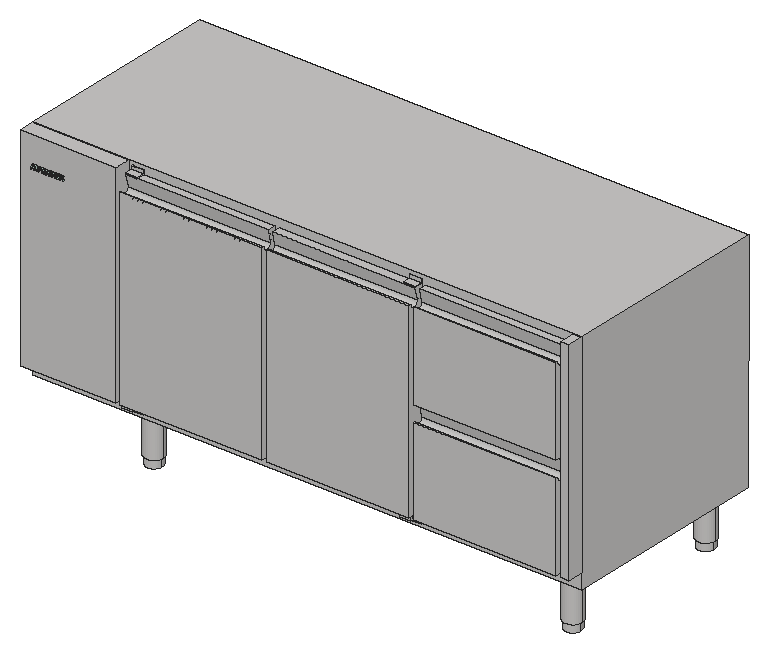
Revit family "QF_ALPENINOX_721049_AK3R7AAB", category Attrezzature speciali, Revit 2018 (continued)
Definition of nested family "HPC_APX_BI_TN_L"
  Lines and regions (mm)
    Split face 120
      outline origin (110, -951.3, 50) x (1, 0, 0) y (0, 1, 0)
        loop
          arc (-176.464, 599.474) -> (-172.464, 603.474) -> (-176.464, 607.474) r 4
          line (-176.464, 607.474) -> (-218.464, 607.474)
    Split face 121
      outline origin (220, -951.3, 50) x (1, 0, 0) y (0, 1, 0)
        loop
          arc (-273.464, 607.474) -> (-277.464, 603.474) -> (-273.464, 599.474) r 4
          line (-273.464, 599.474) -> (-231.464, 599.474)
          arc (-231.464, 599.474) -> (-227.464, 603.474) -> (-231.464, 607.474) r 4
          line (-231.464, 607.474) -> (-273.464, 607.474)
    Split face 122
      outline origin (0, -975.3, 50) x (1, 0, 0) y (0, 1, 0)
        loop
          arc (-163.464, 619.474) -> (-167.464, 615.474) -> (-163.464, 611.474) r 4
          line (-163.464, 611.474) -> (-121.464, 611.474)
          arc (-121.464, 611.474) -> (-117.464, 615.474) -> (-121.464, 619.474) r 4
          line (-121.464, 619.474) -> (-163.464, 619.474)
    Split face 123
      outline origin (330, -975.3, 50) x (1, 0, 0) y (0, 1, 0)
        loop
          arc (-328.464, 619.474) -> (-332.464, 615.474) -> (-328.464, 611.474) r 4
          line (-328.464, 611.474) -> (-286.464, 611.474)
          arc (-286.464, 611.474) -> (-282.464, 615.474) -> (-286.464, 619.474) r 4
          line (-286.464, 619.474) -> (-328.464, 619.474)
    Split face 124
      outline origin (110, -975.3, 50) x (1, 0, 0) y (0, 1, 0)
        loop
          arc (-218.464, 619.474) -> (-222.464, 615.474) -> (-218.464, 611.474) r 4
          line (-218.464, 611.474) -> (-176.464, 611.474)
          arc (-176.464, 611.474) -> (-172.464, 615.474) -> (-176.464, 619.474) r 4
          line (-176.464, 619.474) -> (-218.464, 619.474)
    Split face 125
      outline origin (220, -975.3, 50) x (1, 0, 0) y (0, 1, 0)
        loop
          arc (-273.464, 619.474) -> (-277.464, 615.474) -> (-273.464, 611.474) r 4
          line (-273.464, 611.474) -> (-231.464, 611.474)
          arc (-231.464, 611.474) -> (-227.464, 615.474) -> (-231.464, 619.474) r 4
          line (-231.464, 619.474) -> (-273.464, 619.474)
    Split face 126
      outline origin (0, -999.3, 50) x (1, 0, 0) y (0, 1, 0)
        loop
          arc (-163.464, 631.474) -> (-167.464, 627.474) -> (-163.464, 623.474) r 4
          line (-163.464, 623.474) -> (-121.464, 623.474)
          arc (-121.464, 623.474) -> (-117.464, 627.474) -> (-121.464, 631.474) r 4
          line (-121.464, 631.474) -> (-163.464, 631.474)
    Split face 127
      outline origin (330, -999.3, 50) x (1, 0, 0) y (0, 1, 0)
        loop
          arc (-328.464, 631.474) -> (-332.464, 627.474) -> (-328.464, 623.474) r 4
          line (-328.464, 623.474) -> (-286.464, 623.474)
          arc (-286.464, 623.474) -> (-282.464, 627.474) -> (-286.464, 631.474) r 4
          line (-286.464, 631.474) -> (-328.464, 631.474)
    Split face 128
      outline origin (110, -999.3, 50) x (1, 0, 0) y (0, 1, 0)
        loop
          arc (-218.464, 631.474) -> (-222.464, 627.474) -> (-218.464, 623.474) r 4
          line (-218.464, 623.474) -> (-176.464, 623.474)
          arc (-176.464, 623.474) -> (-172.464, 627.474) -> (-176.464, 631.474) r 4
          line (-176.464, 631.474) -> (-218.464, 631.474)
    Split face 129
      outline origin (220, -999.3, 50) x (1, 0, 0) y (0, 1, 0)
        loop
          arc (-273.464, 631.474) -> (-277.464, 627.474) -> (-273.464, 623.474) r 4
          line (-273.464, 623.474) -> (-231.464, 623.474)
          arc (-231.464, 623.474) -> (-227.464, 627.474) -> (-231.464, 631.474) r 4
          line (-231.464, 631.474) -> (-273.464, 631.474)
    Split face 130
      outline origin (0, -1023.3, 50) x (1, 0, 0) y (0, 1, 0)
        loop
          arc (-163.464, 643.474) -> (-167.464, 639.474) -> (-163.464, 635.474) r 4
          line (-163.464, 635.474) -> (-121.464, 635.474)
          arc (-121.464, 635.474) -> (-117.464, 639.474) -> (-121.464, 643.474) r 4
          line (-121.464, 643.474) -> (-163.464, 643.474)
    Split face 131
      outline origin (330, -1023.3, 50) x (1, 0, 0) y (0, 1, 0)
        loop
          arc (-328.464, 643.474) -> (-332.464, 639.474) -> (-328.464, 635.474) r 4
          line (-328.464, 635.474) -> (-286.464, 635.474)
          arc (-286.464, 635.474) -> (-282.464, 639.474) -> (-286.464, 643.474) r 4
          line (-286.464, 643.474) -> (-328.464, 643.474)
    Split face 132
      outline origin (110, -1023.3, 50) x (1, 0, 0) y (0, 1, 0)
        loop
          arc (-218.464, 643.474) -> (-222.464, 639.474) -> (-218.464, 635.474) r 4
          line (-218.464, 635.474) -> (-176.464, 635.474)
          arc (-176.464, 635.474) -> (-172.464, 639.474) -> (-176.464, 643.474) r 4
          line (-176.464, 643.474) -> (-218.464, 643.474)
    Split face 133
      outline origin (220, -1023.3, 50) x (1, 0, 0) y (0, 1, 0)
        loop
          arc (-273.464, 643.474) -> (-277.464, 639.474) -> (-273.464, 635.474) r 4
          line (-273.464, 635.474) -> (-231.464, 635.474)
          arc (-231.464, 635.474) -> (-227.464, 639.474) -> (-231.464, 643.474) r 4
          line (-231.464, 643.474) -> (-273.464, 643.474)
    symbolic lines
      curve 1: line (87.08, -74, 50) -> (87.08, -74, 0)
  Dimensions and locks
    equal spacing: plane 6, plane 1 "Center (Front/Back)", plane 7
    equal spacing: plane 4, plane 3 "Center (Left/Right)", plane 5
    aligned and locked: plane 2 to Extrusion 1
    aligned and locked: level to Extrusion 1
  Automatic sketch dimensions
    Split face 5 sketch curve to Split face 5 sketch curve = 42 mm
    Split face 5 sketch curve to Split face 5 sketch curve = 4 mm
    Split face 6 sketch curve to Split face 6 sketch curve = 42 mm
    Split face 6 sketch curve to Split face 6 sketch curve = 4 mm
    Split face 7 sketch curve to Split face 7 sketch curve = 42 mm
    Split face 7 sketch curve to Split face 7 sketch curve = 4 mm
    Split face 8 sketch curve to Split face 8 sketch curve = 42 mm
    Split face 8 sketch curve to Split face 8 sketch curve = 4 mm
    Split face 9 sketch curve to Split face 9 sketch curve = 42 mm
    Split face 9 sketch curve to Split face 9 sketch curve = 4 mm
    Split face 10 sketch curve to Split face 10 sketch curve = 42 mm
    Split face 10 sketch curve to Split face 10 sketch curve = 4 mm
    Split face 11 sketch curve to Split face 11 sketch curve = 42 mm
    Split face 11 sketch curve to Split face 11 sketch curve = 4 mm
    Split face 12 sketch curve to Split face 12 sketch curve = 42 mm
    Split face 12 sketch curve to Split face 12 sketch curve = 4 mm
    Split face 13 sketch curve to Split face 13 sketch curve = 42 mm
    Split face 13 sketch curve to Split face 13 sketch curve = 4 mm
    Split face 14 sketch curve to Split face 14 sketch curve = 42 mm
    Split face 14 sketch curve to Split face 14 sketch curve = 4 mm
    Split face 15 sketch curve to Split face 15 sketch curve = 42 mm
    Split face 15 sketch curve to Split face 15 sketch curve = 4 mm
    Split face 16 sketch curve to Split face 16 sketch curve = 42 mm
    Split face 16 sketch curve to Split face 16 sketch curve = 4 mm
    Split face 17 sketch curve to Split face 17 sketch curve = 42 mm
    Split face 17 sketch curve to Split face 17 sketch curve = 4 mm
    Split face 18 sketch curve to Split face 18 sketch curve = 42 mm
    Split face 18 sketch curve to Split face 18 sketch curve = 4 mm
    Split face 19 sketch curve to Split face 19 sketch curve = 42 mm
    Split face 19 sketch curve to Split face 19 sketch curve = 4 mm
    Split face 20 sketch curve to Split face 20 sketch curve = 42 mm
    Split face 20 sketch curve to Split face 20 sketch curve = 4 mm
    Split face 21 sketch curve to Split face 21 sketch curve = 42 mm
    Split face 21 sketch curve to Split face 21 sketch curve = 4 mm
    Split face 22 sketch curve to Split face 22 sketch curve = 42 mm
    Split face 22 sketch curve to Split face 22 sketch curve = 4 mm
    Split face 23 sketch curve to Split face 23 sketch curve = 42 mm
    Split face 23 sketch curve to Split face 23 sketch curve = 4 mm
    Split face 24 sketch curve to Split face 24 sketch curve = 42 mm
    Split face 24 sketch curve to Split face 24 sketch curve = 4 mm
    Split face 25 sketch curve to Split face 25 sketch curve = 42 mm
    Split face 25 sketch curve to Split face 25 sketch curve = 4 mm
    Split face 26 sketch curve to Split face 26 sketch curve = 42 mm
    Split face 26 sketch curve to Split face 26 sketch curve = 4 mm
    Split face 27 sketch curve to Split face 27 sketch curve = 42 mm
    Split face 27 sketch curve to Split face 27 sketch curve = 4 mm
    Split face 28 sketch curve to Split face 28 sketch curve = 42 mm
    Split face 28 sketch curve to Split face 28 sketch curve = 4 mm
    Split face 29 sketch curve to Split face 29 sketch curve = 42 mm
    Split face 29 sketch curve to Split face 29 sketch curve = 4 mm
    Split face 30 sketch curve to Split face 30 sketch curve = 42 mm
    Split face 30 sketch curve to Split face 30 sketch curve = 4 mm
    Split face 31 sketch curve to Split face 31 sketch curve = 42 mm
    Split face 31 sketch curve to Split face 31 sketch curve = 4 mm
    Split face 32 sketch curve to Split face 32 sketch curve = 42 mm
    Split face 32 sketch curve to Split face 32 sketch curve = 4 mm
    Split face 33 sketch curve to Split face 33 sketch curve = 42 mm
    Split face 33 sketch curve to Split face 33 sketch curve = 4 mm
    Split face 34 sketch curve to Split face 34 sketch curve = 42 mm
    Split face 34 sketch curve to Split face 34 sketch curve = 4 mm
    Split face 35 sketch curve to Split face 35 sketch curve = 42 mm
    Split face 35 sketch curve to Split face 35 sketch curve = 4 mm
    Split face 36 sketch curve to Split face 36 sketch curve = 42 mm
    Split face 36 sketch curve to Split face 36 sketch curve = 4 mm
    Split face 37 sketch curve to Split face 37 sketch curve = 42 mm
    Split face 37 sketch curve to Split face 37 sketch curve = 4 mm
    Split face 38 sketch curve to Split face 38 sketch curve = 42 mm
    Split face 38 sketch curve to Split face 38 sketch curve = 4 mm
    Split face 39 sketch curve to Split face 39 sketch curve = 42 mm
    Split face 39 sketch curve to Split face 39 sketch curve = 4 mm
    Split face 40 sketch curve to Split face 40 sketch curve = 42 mm
    Split face 40 sketch curve to Split face 40 sketch curve = 4 mm
    Split face 41 sketch curve to Split face 41 sketch curve = 42 mm
    Split face 41 sketch curve to Split face 41 sketch curve = 4 mm
    Split face 42 sketch curve to Split face 42 sketch curve = 42 mm
    Split face 42 sketch curve to Split face 42 sketch curve = 4 mm
    Split face 43 sketch curve to Split face 43 sketch curve = 42 mm
    Split face 43 sketch curve to Split face 43 sketch curve = 4 mm
    Split face 44 sketch curve to Split face 44 sketch curve = 42 mm
    Split face 44 sketch curve to Split face 44 sketch curve = 4 mm
    Split face 45 sketch curve to Split face 45 sketch curve = 42 mm
    Split face 45 sketch curve to Split face 45 sketch curve = 4 mm
    Split face 46 sketch curve to Split face 46 sketch curve = 42 mm
    Split face 46 sketch curve to Split face 46 sketch curve = 4 mm
    Split face 47 sketch curve to Split face 47 sketch curve = 42 mm
    Split face 47 sketch curve to Split face 47 sketch curve = 4 mm
    Split face 48 sketch curve to Split face 48 sketch curve = 42 mm
    Split face 48 sketch curve to Split face 48 sketch curve = 4 mm
    Split face 49 sketch curve to Split face 49 sketch curve = 42 mm
    Split face 49 sketch curve to Split face 49 sketch curve = 4 mm
    Split face 50 sketch curve to Split face 50 sketch curve = 42 mm
    Split face 50 sketch curve to Split face 50 sketch curve = 4 mm
    Split face 51 sketch curve to Split face 51 sketch curve = 42 mm
    Split face 51 sketch curve to Split face 51 sketch curve = 4 mm
    Split face 52 sketch curve to Split face 52 sketch curve = 42 mm
    Split face 52 sketch curve to Split face 52 sketch curve = 4 mm
    Split face 53 sketch curve to Split face 53 sketch curve = 42 mm
    Split face 53 sketch curve to Split face 53 sketch curve = 4 mm
    Split face 54 sketch curve to Split face 54 sketch curve = 42 mm
    Split face 54 sketch curve to Split face 54 sketch curve = 4 mm
    Split face 55 sketch curve to Split face 55 sketch curve = 42 mm
    Split face 55 sketch curve to Split face 55 sketch curve = 4 mm
    Split face 56 sketch curve to Split face 56 sketch curve = 42 mm
    Split face 56 sketch curve to Split face 56 sketch curve = 4 mm
    Split face 57 sketch curve to Split face 57 sketch curve = 42 mm
    Split face 57 sketch curve to Split face 57 sketch curve = 4 mm
    Split face 58 sketch curve to Split face 58 sketch curve = 42 mm
    Split face 58 sketch curve to Split face 58 sketch curve = 4 mm
    Split face 59 sketch curve to Split face 59 sketch curve = 42 mm
    Split face 59 sketch curve to Split face 59 sketch curve = 4 mm
    Split face 60 sketch curve to Split face 60 sketch curve = 42 mm
    Split face 60 sketch curve to Split face 60 sketch curve = 4 mm
    Split face 61 sketch curve to Split face 61 sketch curve = 42 mm
    Split face 61 sketch curve to Split face 61 sketch curve = 4 mm
    Split face 62 sketch curve to Split face 62 sketch curve = 42 mm
    Split face 62 sketch curve to Split face 62 sketch curve = 4 mm
    Split face 63 sketch curve to Split face 63 sketch curve = 42 mm
    Split face 63 sketch curve to Split face 63 sketch curve = 4 mm
    Split face 64 sketch curve to Split face 64 sketch curve = 42 mm
    Split face 64 sketch curve to Split face 64 sketch curve = 4 mm
    Split face 65 sketch curve to Split face 65 sketch curve = 42 mm
    Split face 65 sketch curve to Split face 65 sketch curve = 4 mm
    Split face 66 sketch curve to Split face 66 sketch curve = 42 mm
    Split face 66 sketch curve to Split face 66 sketch curve = 4 mm
    Split face 67 sketch curve to Split face 67 sketch curve = 42 mm
    Split face 67 sketch curve to Split face 67 sketch curve = 4 mm
    Split face 68 sketch curve to Split face 68 sketch curve = 42 mm
    Split face 68 sketch curve to Split face 68 sketch curve = 4 mm
    Split face 70 sketch curve to Split face 70 sketch curve = 42 mm
    Split face 70 sketch curve to Split face 70 sketch curve = 4 mm
    Split face 71 sketch curve to Split face 71 sketch curve = 42 mm
    Split face 71 sketch curve to Split face 71 sketch curve = 4 mm
    Split face 72 sketch curve to Split face 72 sketch curve = 42 mm
    Split face 72 sketch curve to Split face 72 sketch curve = 4 mm
    Split face 73 sketch curve to Split face 73 sketch curve = 42 mm
    Split face 73 sketch curve to Split face 73 sketch curve = 4 mm
    Split face 74 sketch curve to Split face 74 sketch curve = 42 mm
    Split face 74 sketch curve to Split face 74 sketch curve = 4 mm
    Split face 75 sketch curve to Split face 75 sketch curve = 42 mm
    Split face 75 sketch curve to Split face 75 sketch curve = 4 mm
    Split face 76 sketch curve to Split face 76 sketch curve = 42 mm
    Split face 76 sketch curve to Split face 76 sketch curve = 4 mm
    Split face 77 sketch curve to Split face 77 sketch curve = 42 mm
    Split face 77 sketch curve to Split face 77 sketch curve = 4 mm
    Split face 78 sketch curve to Split face 78 sketch curve = 42 mm
    Split face 78 sketch curve to Split face 78 sketch curve = 4 mm
    Split face 79 sketch curve to Split face 79 sketch curve = 42 mm
    Split face 79 sketch curve to Split face 79 sketch curve = 4 mm
    Split face 80 sketch curve to Split face 80 sketch curve = 42 mm
    Split face 80 sketch curve to Split face 80 sketch curve = 4 mm
    Split face 81 sketch curve to Split face 81 sketch curve = 42 mm
    Split face 81 sketch curve to Split face 81 sketch curve = 4 mm
    Split face 82 sketch curve to Split face 82 sketch curve = 42 mm
    Split face 82 sketch curve to Split face 82 sketch curve = 4 mm
    Split face 83 sketch curve to Split face 83 sketch curve = 42 mm
    Split face 83 sketch curve to Split face 83 sketch curve = 4 mm
    Split face 84 sketch curve to Split face 84 sketch curve = 42 mm
    Split face 84 sketch curve to Split face 84 sketch curve = 4 mm
    Split face 85 sketch curve to Split face 85 sketch curve = 42 mm
    Split face 85 sketch curve to Split face 85 sketch curve = 4 mm
    Split face 86 sketch curve to Split face 86 sketch curve = 42 mm
    Split face 86 sketch curve to Split face 86 sketch curve = 4 mm
    Split face 87 sketch curve to Split face 87 sketch curve = 42 mm
    Split face 87 sketch curve to Split face 87 sketch curve = 4 mm
    Split face 88 sketch curve to Split face 88 sketch curve = 42 mm
    Split face 88 sketch curve to Split face 88 sketch curve = 4 mm
    Split face 89 sketch curve to Split face 89 sketch curve = 42 mm
    Split face 89 sketch curve to Split face 89 sketch curve = 4 mm
    Split face 90 sketch curve to Split face 90 sketch curve = 42 mm
    Split face 90 sketch curve to Split face 90 sketch curve = 4 mm
    Split face 91 sketch curve to Split face 91 sketch curve = 42 mm
    Split face 91 sketch curve to Split face 91 sketch curve = 4 mm
    Split face 92 sketch curve to Split face 92 sketch curve = 42 mm
    Split face 92 sketch curve to Split face 92 sketch curve = 4 mm
    Split face 93 sketch curve to Split face 93 sketch curve = 42 mm
    Split face 93 sketch curve to Split face 93 sketch curve = 4 mm
    Split face 94 sketch curve to Split face 94 sketch curve = 42 mm
    Split face 94 sketch curve to Split face 94 sketch curve = 4 mm
    Split face 95 sketch curve to Split face 95 sketch curve = 42 mm
    Split face 95 sketch curve to Split face 95 sketch curve = 4 mm
    Split face 96 sketch curve to Split face 96 sketch curve = 42 mm
    Split face 96 sketch curve to Split face 96 sketch curve = 4 mm
    Split face 97 sketch curve to Split face 97 sketch curve = 42 mm
    Split face 97 sketch curve to Split face 97 sketch curve = 4 mm
    Split face 98 sketch curve to Split face 98 sketch curve = 42 mm
    Split face 98 sketch curve to Split face 98 sketch curve = 4 mm
    Split face 99 sketch curve to Split face 99 sketch curve = 42 mm
    Split face 99 sketch curve to Split face 99 sketch curve = 4 mm
    Split face 100 sketch curve to Split face 100 sketch curve = 42 mm
    Split face 100 sketch curve to Split face 100 sketch curve = 4 mm
    Split face 101 sketch curve to Split face 101 sketch curve = 42 mm
    Split face 101 sketch curve to Split face 101 sketch curve = 4 mm
    Split face 102 sketch curve to Split face 102 sketch curve = 42 mm
    Split face 102 sketch curve to Split face 102 sketch curve = 4 mm
    Split face 103 sketch curve to Split face 103 sketch curve = 42 mm
    Split face 103 sketch curve to Split face 103 sketch curve = 4 mm
    Split face 104 sketch curve to Split face 104 sketch curve = 42 mm
    Split face 104 sketch curve to Split face 104 sketch curve = 4 mm
    Split face 105 sketch curve to Split face 105 sketch curve = 42 mm
    Split face 105 sketch curve to Split face 105 sketch curve = 4 mm
    Split face 106 sketch curve to Split face 106 sketch curve = 42 mm
    Split face 106 sketch curve to Split face 106 sketch curve = 4 mm
    Split face 107 sketch curve to Split face 107 sketch curve = 42 mm
    Split face 107 sketch curve to Split face 107 sketch curve = 4 mm
    Split face 108 sketch curve to Split face 108 sketch curve = 42 mm
    Split face 108 sketch curve to Split face 108 sketch curve = 4 mm
    Split face 109 sketch curve to Split face 109 sketch curve = 42 mm
    Split face 109 sketch curve to Split face 109 sketch curve = 4 mm
    Split face 110 sketch curve to Split face 110 sketch curve = 42 mm
    Split face 110 sketch curve to Split face 110 sketch curve = 4 mm
    Split face 111 sketch curve to Split face 111 sketch curve = 42 mm
    Split face 111 sketch curve to Split face 111 sketch curve = 4 mm
    Split face 112 sketch curve to Split face 112 sketch curve = 42 mm
    Split face 112 sketch curve to Split face 112 sketch curve = 4 mm
    Split face 113 sketch curve to Split face 113 sketch curve = 42 mm
    Split face 113 sketch curve to Split face 113 sketch curve = 4 mm
    Split face 114 sketch curve to Split face 114 sketch curve = 42 mm
    Split face 114 sketch curve to Split face 114 sketch curve = 4 mm
    Split face 115 sketch curve to Split face 115 sketch curve = 42 mm
    Split face 115 sketch curve to Split face 115 sketch curve = 4 mm
    Split face 116 sketch curve to Split face 116 sketch curve = 42 mm
    Split face 116 sketch curve to Split face 116 sketch curve = 4 mm
    Split face 117 sketch curve to Split face 117 sketch curve = 42 mm
    Split face 117 sketch curve to Split face 117 sketch curve = 4 mm
    Split face 118 sketch curve to Split face 118 sketch curve = 42 mm
    Split face 118 sketch curve to Split face 118 sketch curve = 4 mm
    Split face 119 sketch curve to Split face 119 sketch curve = 42 mm
    Split face 119 sketch curve to Split face 119 sketch curve = 4 mm
    Split face 120 sketch curve to Split face 120 sketch curve = 42 mm
    Split face 120 sketch curve to Split face 120 sketch curve = 4 mm
    Split face 121 sketch curve to Split face 121 sketch curve = 42 mm
    Split face 121 sketch curve to Split face 121 sketch curve = 4 mm
    Split face 122 sketch curve to Split face 122 sketch curve = 42 mm
    Split face 122 sketch curve to Split face 122 sketch curve = 4 mm
    Split face 123 sketch curve to Split face 123 sketch curve = 42 mm
    Split face 123 sketch curve to Split face 123 sketch curve = 4 mm
    Split face 124 sketch curve to Split face 124 sketch curve = 42 mm
    Split face 124 sketch curve to Split face 124 sketch curve = 4 mm
    Split face 125 sketch curve to Split face 125 sketch curve = 42 mm
    Split face 125 sketch curve to Split face 125 sketch curve = 4 mm
    Split face 126 sketch curve to Split face 126 sketch curve = 42 mm
    Split face 126 sketch curve to Split face 126 sketch curve = 4 mm
    Split face 127 sketch curve to Split face 127 sketch curve = 42 mm
    Split face 127 sketch curve to Split face 127 sketch curve = 4 mm
    Split face 128 sketch curve to Split face 128 sketch curve = 42 mm
    Split face 128 sketch curve to Split face 128 sketch curve = 4 mm
    Split face 129 sketch curve to Split face 129 sketch curve = 42 mm
    Split face 129 sketch curve to Split face 129 sketch curve = 4 mm
    Split face 130 sketch curve to Split face 130 sketch curve = 42 mm
    Split face 130 sketch curve to Split face 130 sketch curve = 4 mm
    Split face 131 sketch curve to Split face 131 sketch curve = 42 mm
    Split face 131 sketch curve to Split face 131 sketch curve = 4 mm
    Split face 132 sketch curve to Split face 132 sketch curve = 42 mm
    Split face 132 sketch curve to Split face 132 sketch curve = 4 mm
    Split face 133 sketch curve to Split face 133 sketch curve = 42 mm
    Split face 133 sketch curve to Split face 133 sketch curve = 4 mm
    Extrusion 1 sketch curve to Extrusion 1 sketch curve = 2438.4 mm  (x2)
    Extrusion 2 sketch curve to plane 4 = 0 mm
    Extrusion 2 sketch curve to plane 5 = 0 mm
    Extrusion 2 sketch curve to plane 7 = 0 mm
    Extrusion 2 sketch curve to plane 6 = 0 mm
    Split face 1 sketch curve to Extrusion 2 = 0 mm  (x2)
    Split face 1 sketch curve to Extrusion 2 = 34 mm
    Split face 1 sketch curve to Extrusion 2 = 104 mm
    Split face 1 sketch curve to Split face 1 sketch curve = 17.5 mm
    Split face 2 sketch curve to Extrusion 2 = 130.5 mm
    Split face 2 sketch curve to Extrusion 2 = 60.5 mm
    Split face 2 sketch curve to Extrusion 2 = 98 mm
    Split face 2 sketch curve to Split face 2 sketch curve = 23 mm
    Split face 3 sketch curve to Extrusion 2 = 80.5 mm
    Split face 3 sketch curve to Split face 3 sketch curve = 17 mm  (x2)
    Split face 3 sketch curve to Extrusion 2 = 95 mm
    plane 4 to Extrusion 3 sketch curve = 34.51 mm
    Extrusion 3 sketch curve to Extrusion 3 sketch curve = 1.266 mm
    Extrusion 3 sketch curve to Extrusion 3 sketch curve = 1.307 mm
    Extrusion 3 sketch curve to Extrusion 3 sketch curve = 0.57 mm
    Extrusion 3 sketch curve to Extrusion 3 sketch curve = 0.593 mm
    Extrusion 3 sketch curve to Extrusion 3 sketch curve = 0.799 mm
    Extrusion 3 sketch curve to Extrusion 3 sketch curve = 1.99 mm  (x2)
    Extrusion 3 sketch curve to Extrusion 3 sketch curve = 0.003 mm
    Extrusion 3 sketch curve to Extrusion 3 sketch curve = 3.534 mm
    Extrusion 3 sketch curve to Extrusion 3 sketch curve = 0.835 mm
    Extrusion 3 sketch curve to Extrusion 3 sketch curve = 0.56 mm
    Extrusion 3 sketch curve to Extrusion 3 sketch curve = 1.268 mm
    Extrusion 3 sketch curve to Extrusion 3 sketch curve = 1.223 mm
    Extrusion 3 sketch curve to Extrusion 3 sketch curve = 1.344 mm
    Extrusion 3 sketch curve to Extrusion 3 sketch curve = 1.394 mm  (x2)
    Extrusion 3 sketch curve to Extrusion 3 sketch curve = 1.512 mm
    Extrusion 3 sketch curve to Extrusion 3 sketch curve = 3.309 mm
    Extrusion 3 sketch curve to Extrusion 3 sketch curve = 5.841 mm
    Extrusion 3 sketch curve to Extrusion 3 sketch curve = 1.393 mm
    Extrusion 3 sketch curve to Extrusion 3 sketch curve = 1.439 mm
    Extrusion 3 sketch curve to Extrusion 3 sketch curve = 0 mm  (x19)
    Extrusion 3 sketch curve to Extrusion 3 sketch curve = 1.902 mm
    Extrusion 3 sketch curve to Extrusion 3 sketch curve = 0.052 mm
    Extrusion 3 sketch curve to Extrusion 3 sketch curve = 2.065 mm
    Extrusion 3 sketch curve to Extrusion 3 sketch curve = 0.647 mm
    Extrusion 3 sketch curve to Extrusion 3 sketch curve = 8.079 mm
    Extrusion 3 sketch curve to Extrusion 3 sketch curve = 0.073 mm
    Extrusion 3 sketch curve to Extrusion 3 sketch curve = 2.145 mm
    Extrusion 3 sketch curve to Extrusion 3 sketch curve = 2.931 mm
    Extrusion 3 sketch curve to Extrusion 3 sketch curve = 0.213 mm
    Extrusion 3 sketch curve to Extrusion 3 sketch curve = 0.026 mm
    Extrusion 3 sketch curve to Extrusion 3 sketch curve = 0.263 mm
    Extrusion 3 sketch curve to Extrusion 3 sketch curve = 0.516 mm
    Extrusion 3 sketch curve to Extrusion 3 sketch curve = 0.356 mm
    Extrusion 3 sketch curve to Extrusion 3 sketch curve = 0.387 mm
    Extrusion 3 sketch curve to Extrusion 3 sketch curve = 2.378 mm
    Extrusion 3 sketch curve to Extrusion 3 sketch curve = 2.466 mm
    Extrusion 3 sketch curve to Extrusion 3 sketch curve = 0.602 mm
    Extrusion 3 sketch curve to Extrusion 3 sketch curve = 1.02 mm
    Extrusion 3 sketch curve to Extrusion 3 sketch curve = 0.949 mm
    Extrusion 3 sketch curve to Extrusion 3 sketch curve = 1.728 mm
    Extrusion 3 sketch curve to Extrusion 3 sketch curve = 0.157 mm  (x2)
    Extrusion 3 sketch curve to Extrusion 3 sketch curve = 0.292 mm
    Extrusion 3 sketch curve to Extrusion 3 sketch curve = 3.565 mm
    Extrusion 3 sketch curve to Extrusion 3 sketch curve = 1.396 mm  (x2)
    Extrusion 3 sketch curve to Extrusion 3 sketch curve = 1.418 mm  (x2)
    Extrusion 3 sketch curve to Extrusion 3 sketch curve = 1.151 mm  (x2)
    Extrusion 3 sketch curve to Extrusion 3 sketch curve = 5.709 mm  (x2)
    Extrusion 3 sketch curve to Extrusion 3 sketch curve = 0.224 mm  (x2)
    Extrusion 3 sketch curve to Extrusion 3 sketch curve = 1.149 mm  (x2)
    Extrusion 3 sketch curve to Extrusion 3 sketch curve = 1.395 mm  (x2)
    Extrusion 3 sketch curve to Extrusion 3 sketch curve = 1.744 mm
    Extrusion 3 sketch curve to Extrusion 3 sketch curve = 1.745 mm
    Extrusion 3 sketch curve to Extrusion 3 sketch curve = 6.963 mm
    Extrusion 3 sketch curve to Extrusion 3 sketch curve = 0.493 mm  (x3)
    Extrusion 3 sketch curve to Extrusion 3 sketch curve = 0.273 mm  (x2)
    Extrusion 3 sketch curve to Extrusion 3 sketch curve = 0.021 mm  (x2)
    Extrusion 3 sketch curve to Extrusion 3 sketch curve = 0.226 mm  (x2)
    Extrusion 3 sketch curve to Extrusion 3 sketch curve = 0.268 mm  (x2)
    Extrusion 3 sketch curve to Extrusion 3 sketch curve = 0.294 mm
    Extrusion 3 sketch curve to Extrusion 3 sketch curve = 5.238 mm
    Extrusion 3 sketch curve to Extrusion 3 sketch curve = 5.908 mm
    Extrusion 3 sketch curve to Extrusion 3 sketch curve = 1.109 mm  (x2)
    Extrusion 3 sketch curve to Extrusion 3 sketch curve = 1.108 mm  (x2)
    Extrusion 3 sketch curve to Extrusion 3 sketch curve = 1.142 mm  (x2)
    Extrusion 3 sketch curve to Extrusion 3 sketch curve = 1.216 mm  (x2)
    Extrusion 3 sketch curve to Extrusion 3 sketch curve = 3.013 mm
    Extrusion 3 sketch curve to Extrusion 3 sketch curve = 1.616 mm  (x3)
    Extrusion 3 sketch curve to Extrusion 3 sketch curve = 2.305 mm
    Extrusion 3 sketch curve to Extrusion 3 sketch curve = 3.049 mm
    Extrusion 3 sketch curve to plane 6 = 93.469 mm
    Extrusion 3 sketch curve to Extrusion 3 sketch curve = 0.498 mm
    Extrusion 3 sketch curve to Extrusion 3 sketch curve = 0.682 mm
    Extrusion 3 sketch curve to Extrusion 3 sketch curve = 0.664 mm
    Extrusion 3 sketch curve to Extrusion 3 sketch curve = 0.425 mm
    Extrusion 3 sketch curve to Extrusion 3 sketch curve = 0.41 mm
    Extrusion 3 sketch curve to Extrusion 3 sketch curve = 1.272 mm
    Extrusion 3 sketch curve to Extrusion 3 sketch curve = 0.789 mm  (x2)
    Extrusion 3 sketch curve to Extrusion 3 sketch curve = 0.056 mm
    Extrusion 3 sketch curve to Extrusion 3 sketch curve = 0.83 mm
    Extrusion 3 sketch curve to Extrusion 3 sketch curve = 1.238 mm
    Extrusion 3 sketch curve to Extrusion 3 sketch curve = 1.732 mm
    Extrusion 3 sketch curve to Extrusion 3 sketch curve = 0.346 mm
    Extrusion 3 sketch curve to Extrusion 3 sketch curve = 1.123 mm
    Extrusion 3 sketch curve to Extrusion 3 sketch curve = 3.023 mm
    Extrusion 3 sketch curve to Extrusion 3 sketch curve = 4.203 mm
    Extrusion 3 sketch curve to Extrusion 3 sketch curve = 3.452 mm  (x2)
    Extrusion 3 sketch curve to Extrusion 3 sketch curve = 2.544 mm
    Extrusion 3 sketch curve to Extrusion 3 sketch curve = 1.177 mm
    Extrusion 3 sketch curve to Extrusion 3 sketch curve = 3.261 mm
    Extrusion 3 sketch curve to Extrusion 3 sketch curve = 0.352 mm  (x2)
    Extrusion 3 sketch curve to Extrusion 3 sketch curve = 1.987 mm
    Extrusion 3 sketch curve to Extrusion 3 sketch curve = 0.171 mm
    Extrusion 3 sketch curve to Extrusion 3 sketch curve = 0.533 mm  (x3)
    Extrusion 3 sketch curve to Extrusion 3 sketch curve = 0.14 mm  (x4)
    Extrusion 3 sketch curve to Extrusion 3 sketch curve = 0.473 mm
    Extrusion 3 sketch curve to Extrusion 3 sketch curve = 0.31 mm  (x2)
    Extrusion 3 sketch curve to Extrusion 3 sketch curve = 0.075 mm
    Extrusion 3 sketch curve to Extrusion 3 sketch curve = 2.431 mm
    Extrusion 3 sketch curve to Extrusion 3 sketch curve = 2.32 mm  (x2)
    Extrusion 3 sketch curve to Extrusion 3 sketch curve = 1.992 mm
    Extrusion 3 sketch curve to Extrusion 3 sketch curve = 0.674 mm
    Extrusion 3 sketch curve to Extrusion 3 sketch curve = 0.732 mm
    Extrusion 3 sketch curve to Extrusion 3 sketch curve = 0.388 mm
    Extrusion 3 sketch curve to Extrusion 3 sketch curve = 0.121 mm
    Extrusion 3 sketch curve to Extrusion 3 sketch curve = 2.589 mm
    Extrusion 3 sketch curve to Extrusion 3 sketch curve = 0.662 mm
    Extrusion 3 sketch curve to Extrusion 3 sketch curve = 3.473 mm
    Extrusion 3 sketch curve to Extrusion 3 sketch curve = 0.681 mm
    Extrusion 3 sketch curve to Extrusion 3 sketch curve = 1.615 mm
    Extrusion 3 sketch curve to Extrusion 3 sketch curve = 0.34 mm
    Extrusion 3 sketch curve to Extrusion 3 sketch curve = 2.288 mm
    Extrusion 3 sketch curve to Extrusion 3 sketch curve = 0.942 mm
    Extrusion 3 sketch curve to Extrusion 3 sketch curve = 5.4 mm
    Extrusion 3 sketch curve to Extrusion 3 sketch curve = 1.768 mm  (x2)
    Extrusion 3 sketch curve to Extrusion 3 sketch curve = 0.761 mm
    Extrusion 3 sketch curve to Extrusion 3 sketch curve = 0.996 mm
    Extrusion 3 sketch curve to Extrusion 3 sketch curve = 3.543 mm  (x2)
    Extrusion 3 sketch curve to Extrusion 3 sketch curve = 7.017 mm
    Extrusion 3 sketch curve to Extrusion 3 sketch curve = 0.11 mm
    Extrusion 3 sketch curve to Extrusion 3 sketch curve = 0.823 mm  (x2)
    Extrusion 3 sketch curve to Extrusion 3 sketch curve = 0.947 mm
    Extrusion 3 sketch curve to Extrusion 3 sketch curve = 3.837 mm
    Extrusion 3 sketch curve to Extrusion 3 sketch curve = 0.623 mm
    Extrusion 3 sketch curve to Extrusion 3 sketch curve = 1.082 mm
    Extrusion 3 sketch curve to Extrusion 3 sketch curve = 0.801 mm
    Extrusion 3 sketch curve to Extrusion 3 sketch curve = 1 mm
    Extrusion 3 sketch curve to Extrusion 3 sketch curve = 0.089 mm
    Extrusion 3 sketch curve to Extrusion 3 sketch curve = 4.257 mm
    Extrusion 3 sketch curve to Extrusion 3 sketch curve = 4.345 mm  (x2)
    Extrusion 3 sketch curve to Extrusion 3 sketch curve = 2.576 mm
    Extrusion 3 sketch curve to Extrusion 3 sketch curve = 1.385 mm  (x4)
    Extrusion 3 sketch curve to Extrusion 3 sketch curve = 2.133 mm  (x4)
    Extrusion 3 sketch curve to Extrusion 3 sketch curve = 3.518 mm
    Extrusion 3 sketch curve to Extrusion 3 sketch curve = 5.603 mm
    Extrusion 3 sketch curve to Extrusion 3 sketch curve = 2.571 mm
    Split face 4 sketch curve to Extrusion 2 = 0 mm  (x2)
    Split face 4 sketch curve to Extrusion 2 = 64 mm
    Split face 69 sketch curve to Extrusion 2 = 0 mm  (x2)
    Split face 69 sketch curve to Extrusion 2 = 109 mm
    Split face 5 sketch curve to Extrusion 2 = 43.456 mm
    Split face 5 sketch curve to Extrusion 2 = 128.176 mm
    Split face 6 sketch curve to Extrusion 2 = 85.544 mm
    Split face 6 sketch curve to Extrusion 2 = 128.176 mm
    Split face 7 sketch curve to Extrusion 2 = 98.456 mm
    Split face 7 sketch curve to Extrusion 2 = 128.176 mm
    Split face 8 sketch curve to Extrusion 2 = 140.544 mm
    Split face 8 sketch curve to Extrusion 2 = 128.176 mm
    Split face 9 sketch curve to Extrusion 2 = 43.456 mm
    Split face 9 sketch curve to Extrusion 2 = 140.176 mm
    Split face 10 sketch curve to Extrusion 2 = 85.544 mm
    Split face 10 sketch curve to Extrusion 2 = 140.176 mm
    Split face 11 sketch curve to Extrusion 2 = 98.456 mm
    Split face 11 sketch curve to Extrusion 2 = 140.176 mm
    Split face 12 sketch curve to Extrusion 2 = 140.544 mm
    Split face 12 sketch curve to Extrusion 2 = 140.176 mm
    Split face 13 sketch curve to Extrusion 2 = 43.456 mm
    Split face 13 sketch curve to Extrusion 2 = 152.176 mm
    Split face 14 sketch curve to Extrusion 2 = 85.544 mm
    Split face 14 sketch curve to Extrusion 2 = 152.176 mm
    Split face 15 sketch curve to Extrusion 2 = 98.456 mm
    Split face 15 sketch curve to Extrusion 2 = 152.176 mm
    Split face 16 sketch curve to Extrusion 2 = 140.544 mm
    Split face 16 sketch curve to Extrusion 2 = 152.176 mm
    Split face 17 sketch curve to Extrusion 2 = 43.456 mm
    Split face 17 sketch curve to Extrusion 2 = 164.176 mm
    Split face 18 sketch curve to Extrusion 2 = 85.544 mm
    Split face 18 sketch curve to Extrusion 2 = 164.176 mm
    Split face 19 sketch curve to Extrusion 2 = 98.456 mm
    Split face 19 sketch curve to Extrusion 2 = 164.176 mm
    Split face 20 sketch curve to Extrusion 2 = 140.544 mm
    Split face 20 sketch curve to Extrusion 2 = 164.176 mm
    Split face 21 sketch curve to Extrusion 2 = 43.456 mm
    Split face 21 sketch curve to Extrusion 2 = 176.176 mm
    Split face 22 sketch curve to Extrusion 2 = 85.544 mm
    Split face 22 sketch curve to Extrusion 2 = 176.176 mm
    Split face 23 sketch curve to Extrusion 2 = 98.456 mm
    Split face 23 sketch curve to Extrusion 2 = 176.176 mm
    Split face 24 sketch curve to Extrusion 2 = 140.544 mm
    Split face 24 sketch curve to Extrusion 2 = 176.176 mm
    Split face 25 sketch curve to Extrusion 2 = 43.456 mm
    Split face 25 sketch curve to Extrusion 2 = 188.176 mm
    Split face 26 sketch curve to Extrusion 2 = 85.544 mm
    Split face 26 sketch curve to Extrusion 2 = 188.176 mm
    Split face 27 sketch curve to Extrusion 2 = 98.456 mm
    Split face 27 sketch curve to Extrusion 2 = 188.176 mm
    Split face 28 sketch curve to Extrusion 2 = 140.544 mm
    Split face 28 sketch curve to Extrusion 2 = 188.176 mm
    Split face 29 sketch curve to Extrusion 2 = 43.456 mm
    Split face 29 sketch curve to Extrusion 2 = 200.176 mm
    Split face 30 sketch curve to Extrusion 2 = 85.544 mm
    Split face 30 sketch curve to Extrusion 2 = 200.176 mm
    Split face 31 sketch curve to Extrusion 2 = 98.456 mm
    Split face 31 sketch curve to Extrusion 2 = 200.176 mm
    Split face 32 sketch curve to Extrusion 2 = 140.544 mm
    Split face 32 sketch curve to Extrusion 2 = 200.176 mm
    Split face 33 sketch curve to Extrusion 2 = 43.456 mm
    Split face 33 sketch curve to Extrusion 2 = 212.176 mm
    Split face 34 sketch curve to Extrusion 2 = 85.544 mm
    Split face 34 sketch curve to Extrusion 2 = 212.176 mm
    Split face 35 sketch curve to Extrusion 2 = 98.456 mm
    Split face 35 sketch curve to Extrusion 2 = 212.176 mm
    Split face 36 sketch curve to Extrusion 2 = 140.544 mm
    Split face 36 sketch curve to Extrusion 2 = 212.176 mm
    Split face 37 sketch curve to Extrusion 2 = 43.456 mm
    Split face 37 sketch curve to Extrusion 2 = 224.176 mm
    Split face 38 sketch curve to Extrusion 2 = 85.544 mm
    Split face 38 sketch curve to Extrusion 2 = 224.176 mm
    Split face 39 sketch curve to Extrusion 2 = 98.456 mm
    Split face 39 sketch curve to Extrusion 2 = 224.176 mm
    Split face 40 sketch curve to Extrusion 2 = 140.544 mm
    Split face 40 sketch curve to Extrusion 2 = 224.176 mm
    Split face 41 sketch curve to Extrusion 2 = 43.456 mm
    Split face 41 sketch curve to Extrusion 2 = 236.176 mm
    Split face 42 sketch curve to Extrusion 2 = 85.544 mm
    Split face 42 sketch curve to Extrusion 2 = 236.176 mm
    Split face 43 sketch curve to Extrusion 2 = 98.456 mm
    Split face 43 sketch curve to Extrusion 2 = 236.176 mm
    Split face 44 sketch curve to Extrusion 2 = 140.544 mm
    Split face 44 sketch curve to Extrusion 2 = 236.176 mm
    Split face 45 sketch curve to Extrusion 2 = 43.456 mm
    Split face 45 sketch curve to Extrusion 2 = 248.176 mm
    Split face 46 sketch curve to Extrusion 2 = 85.544 mm
    Split face 46 sketch curve to Extrusion 2 = 248.176 mm
    Split face 47 sketch curve to Extrusion 2 = 98.456 mm
    Split face 47 sketch curve to Extrusion 2 = 248.176 mm
    Split face 48 sketch curve to Extrusion 2 = 140.544 mm
    Split face 48 sketch curve to Extrusion 2 = 248.176 mm
    Split face 49 sketch curve to Extrusion 2 = 43.456 mm
    Split face 49 sketch curve to Extrusion 2 = 260.176 mm
    Split face 50 sketch curve to Extrusion 2 = 85.544 mm
    Split face 50 sketch curve to Extrusion 2 = 260.176 mm
    Split face 51 sketch curve to Extrusion 2 = 98.456 mm
    Split face 51 sketch curve to Extrusion 2 = 260.176 mm
    Split face 52 sketch curve to Extrusion 2 = 140.544 mm
    Split face 52 sketch curve to Extrusion 2 = 260.176 mm
    Split face 53 sketch curve to Extrusion 2 = 43.456 mm
    Split face 53 sketch curve to Extrusion 2 = 272.176 mm
    Split face 54 sketch curve to Extrusion 2 = 85.544 mm
    Split face 54 sketch curve to Extrusion 2 = 272.176 mm
    Split face 55 sketch curve to Extrusion 2 = 98.456 mm
    Split face 55 sketch curve to Extrusion 2 = 272.176 mm
    Split face 56 sketch curve to Extrusion 2 = 140.544 mm
    Split face 56 sketch curve to Extrusion 2 = 272.176 mm
    Split face 57 sketch curve to Extrusion 2 = 43.456 mm
    Split face 57 sketch curve to Extrusion 2 = 284.176 mm
    Split face 58 sketch curve to Extrusion 2 = 85.544 mm
    Split face 58 sketch curve to Extrusion 2 = 284.176 mm
    Split face 59 sketch curve to Extrusion 2 = 98.456 mm
    Split face 59 sketch curve to Extrusion 2 = 284.176 mm
    Split face 60 sketch curve to Extrusion 2 = 140.544 mm
    Split face 60 sketch curve to Extrusion 2 = 284.176 mm
    Split face 61 sketch curve to Extrusion 2 = 43.456 mm
    Split face 61 sketch curve to Extrusion 2 = 296.176 mm
    Split face 62 sketch curve to Extrusion 2 = 85.544 mm
    Split face 62 sketch curve to Extrusion 2 = 296.176 mm
    Split face 63 sketch curve to Extrusion 2 = 98.456 mm
    Split face 63 sketch curve to Extrusion 2 = 296.176 mm
    Split face 64 sketch curve to Extrusion 2 = 140.544 mm
    Split face 64 sketch curve to Extrusion 2 = 296.176 mm
    Split face 65 sketch curve to Extrusion 2 = 43.456 mm
    Split face 65 sketch curve to Extrusion 2 = 308.176 mm
    Split face 66 sketch curve to Extrusion 2 = 85.544 mm
    Split face 66 sketch curve to Extrusion 2 = 308.176 mm
    Split face 67 sketch curve to Extrusion 2 = 98.456 mm
    Split face 67 sketch curve to Extrusion 2 = 308.176 mm
    Split face 68 sketch curve to Extrusion 2 = 140.544 mm
    Split face 68 sketch curve to Extrusion 2 = 308.176 mm
    Split face 70 sketch curve to Extrusion 2 = 43.456 mm
    Split face 70 sketch curve to Extrusion 2 = 192.174 mm
    Split face 71 sketch curve to Extrusion 2 = 85.544 mm
    Split face 71 sketch curve to Extrusion 2 = 192.174 mm
    Split face 72 sketch curve to Extrusion 2 = 98.456 mm
    Split face 72 sketch curve to Extrusion 2 = 192.174 mm
    Split face 73 sketch curve to Extrusion 2 = 140.544 mm
    Split face 73 sketch curve to Extrusion 2 = 192.174 mm
    Split face 74 sketch curve to Extrusion 2 = 43.456 mm
    Split face 74 sketch curve to Extrusion 2 = 180.174 mm
    Split face 75 sketch curve to Extrusion 2 = 85.544 mm
    Split face 75 sketch curve to Extrusion 2 = 180.174 mm
    Split face 76 sketch curve to Extrusion 2 = 98.456 mm
    Split face 76 sketch curve to Extrusion 2 = 180.174 mm
    Split face 77 sketch curve to Extrusion 2 = 140.544 mm
    Split face 77 sketch curve to Extrusion 2 = 180.174 mm
    Split face 78 sketch curve to Extrusion 2 = 43.456 mm
    Split face 78 sketch curve to Extrusion 2 = 168.174 mm
    Split face 79 sketch curve to Extrusion 2 = 85.544 mm
    Split face 79 sketch curve to Extrusion 2 = 168.174 mm
    Split face 80 sketch curve to Extrusion 2 = 98.456 mm
    Split face 80 sketch curve to Extrusion 2 = 168.174 mm
    Split face 81 sketch curve to Extrusion 2 = 140.544 mm
    Split face 81 sketch curve to Extrusion 2 = 168.174 mm
    Split face 82 sketch curve to Extrusion 2 = 43.456 mm
    Split face 82 sketch curve to Extrusion 2 = 156.174 mm
    Split face 83 sketch curve to Extrusion 2 = 85.544 mm
    Split face 83 sketch curve to Extrusion 2 = 156.174 mm
    Split face 84 sketch curve to Extrusion 2 = 98.456 mm
    Split face 84 sketch curve to Extrusion 2 = 156.174 mm
    Split face 85 sketch curve to Extrusion 2 = 140.544 mm
    Split face 85 sketch curve to Extrusion 2 = 156.174 mm
    Split face 86 sketch curve to Extrusion 2 = 43.456 mm
    Split face 86 sketch curve to Extrusion 2 = 144.174 mm
    Split face 87 sketch curve to Extrusion 2 = 85.544 mm
    Split face 87 sketch curve to Extrusion 2 = 144.174 mm
    Split face 88 sketch curve to Extrusion 2 = 98.456 mm
    Split face 88 sketch curve to Extrusion 2 = 144.174 mm
    Split face 89 sketch curve to Extrusion 2 = 140.544 mm
    Split face 89 sketch curve to Extrusion 2 = 144.174 mm
    Split face 90 sketch curve to Extrusion 2 = 43.456 mm
    Split face 90 sketch curve to Extrusion 2 = 132.174 mm
    Split face 91 sketch curve to Extrusion 2 = 85.544 mm
    Split face 91 sketch curve to Extrusion 2 = 132.174 mm
    Split face 92 sketch curve to Extrusion 2 = 98.456 mm
    Split face 92 sketch curve to Extrusion 2 = 132.174 mm
    Split face 93 sketch curve to Extrusion 2 = 140.544 mm
    Split face 93 sketch curve to Extrusion 2 = 132.174 mm
    Split face 94 sketch curve to Extrusion 2 = 43.456 mm
    Split face 94 sketch curve to Extrusion 2 = 120.174 mm
    Split face 95 sketch curve to Extrusion 2 = 85.544 mm
    Split face 95 sketch curve to Extrusion 2 = 120.174 mm
    Split face 96 sketch curve to Extrusion 2 = 98.456 mm
    Split face 96 sketch curve to Extrusion 2 = 120.174 mm
    Split face 97 sketch curve to Extrusion 2 = 140.544 mm
    Split face 97 sketch curve to Extrusion 2 = 120.174 mm
    Split face 98 sketch curve to Extrusion 2 = 43.456 mm
    Split face 98 sketch curve to Extrusion 2 = 108.174 mm
    Split face 99 sketch curve to Extrusion 2 = 85.544 mm
    Split face 99 sketch curve to Extrusion 2 = 108.174 mm
    Split face 100 sketch curve to Extrusion 2 = 98.456 mm
    Split face 100 sketch curve to Extrusion 2 = 108.174 mm
    Split face 101 sketch curve to Extrusion 2 = 140.544 mm
    Split face 101 sketch curve to Extrusion 2 = 108.174 mm
    Split face 102 sketch curve to Extrusion 2 = 43.456 mm
    Split face 102 sketch curve to Extrusion 2 = 96.174 mm
    Split face 103 sketch curve to Extrusion 2 = 85.544 mm
    Split face 103 sketch curve to Extrusion 2 = 96.174 mm
    Split face 104 sketch curve to Extrusion 2 = 98.456 mm
    Split face 104 sketch curve to Extrusion 2 = 96.174 mm
    Split face 105 sketch curve to Extrusion 2 = 140.544 mm
    Split face 105 sketch curve to Extrusion 2 = 96.174 mm
    Split face 106 sketch curve to Extrusion 2 = 43.456 mm
    Split face 106 sketch curve to Extrusion 2 = 84.174 mm
    Split face 107 sketch curve to Extrusion 2 = 85.544 mm
    Split face 107 sketch curve to Extrusion 2 = 84.174 mm
    Split face 108 sketch curve to Extrusion 2 = 98.456 mm
    Split face 108 sketch curve to Extrusion 2 = 84.174 mm
    Split face 109 sketch curve to Extrusion 2 = 140.544 mm
    Split face 109 sketch curve to Extrusion 2 = 84.174 mm
    Split face 110 sketch curve to Extrusion 2 = 43.456 mm
    Split face 110 sketch curve to Extrusion 2 = 72.174 mm
    Split face 111 sketch curve to Extrusion 2 = 85.544 mm
    Split face 111 sketch curve to Extrusion 2 = 72.174 mm
    Split face 112 sketch curve to Extrusion 2 = 98.456 mm
    Split face 112 sketch curve to Extrusion 2 = 72.174 mm
    Split face 113 sketch curve to Extrusion 2 = 140.544 mm
    Split face 113 sketch curve to Extrusion 2 = 72.174 mm
    Split face 114 sketch curve to Extrusion 2 = 43.456 mm
    Split face 114 sketch curve to Extrusion 2 = 60.174 mm
    Split face 115 sketch curve to Extrusion 2 = 85.544 mm
    Split face 115 sketch curve to Extrusion 2 = 60.174 mm
    Split face 116 sketch curve to Extrusion 2 = 98.456 mm
    Split face 116 sketch curve to Extrusion 2 = 60.174 mm
    Split face 117 sketch curve to Extrusion 2 = 68.174 mm
    Split face 117 sketch curve to Extrusion 2 = 140.544 mm
    Split face 118 sketch curve to Extrusion 2 = 43.456 mm
    Split face 118 sketch curve to Extrusion 2 = 48.174 mm
    Split face 119 sketch curve to Extrusion 2 = 85.544 mm
    Split face 119 sketch curve to Extrusion 2 = 48.174 mm
    Split face 120 sketch curve to Extrusion 2 = 98.456 mm
    Split face 120 sketch curve to Extrusion 2 = 48.174 mm
    Split face 121 sketch curve to Extrusion 2 = 56.174 mm
    Split face 121 sketch curve to Extrusion 2 = 140.544 mm
    Split face 122 sketch curve to Extrusion 2 = 43.456 mm
    Split face 122 sketch curve to Extrusion 2 = 36.174 mm
    Split face 123 sketch curve to Extrusion 2 = 85.544 mm
    Split face 123 sketch curve to Extrusion 2 = 36.174 mm
    Split face 124 sketch curve to Extrusion 2 = 44.174 mm
    Split face 124 sketch curve to Extrusion 2 = 98.456 mm
    Split face 125 sketch curve to Extrusion 2 = 44.174 mm
    Split face 125 sketch curve to Extrusion 2 = 140.544 mm
    Split face 126 sketch curve to Extrusion 2 = 43.456 mm
    Split face 126 sketch curve to Extrusion 2 = 24.174 mm
    Split face 127 sketch curve to Extrusion 2 = 32.174 mm
    Split face 127 sketch curve to Extrusion 2 = 85.544 mm
    Split face 128 sketch curve to Extrusion 2 = 32.174 mm
    Split face 128 sketch curve to Extrusion 2 = 98.456 mm
    Split face 129 sketch curve to Extrusion 2 = 32.174 mm
    Split face 129 sketch curve to Extrusion 2 = 140.544 mm
    Split face 130 sketch curve to Extrusion 2 = 20.174 mm
    Split face 130 sketch curve to Extrusion 2 = 43.456 mm
    Split face 131 sketch curve to Extrusion 2 = 20.174 mm
    Split face 131 sketch curve to Extrusion 2 = 85.544 mm
    Split face 132 sketch curve to Extrusion 2 = 20.174 mm
    Split face 132 sketch curve to Extrusion 2 = 98.456 mm
    Split face 133 sketch curve to Extrusion 2 = 20.174 mm
    Split face 133 sketch curve to Extrusion 2 = 140.544 mm
    curve 1 to level = 0 mm
    curve 1 to plane 5 = 0 mm
    curve 1 to curve 1 = 50 mm
Definition of nested family "HPC_APX_SD_L"
  Parameters
    Show Clearance [instance] = yes
    Default Elevation = 1219.2 mm
  Reference planes
    plane 1 "Center (Front/Back)": y = 0
    plane 2: z = 0
    plane 3 "Center (Left/Right)": x = 0
    plane 4: x = -234
    plane 5: x = 234
  Forms (mm)
    Extrusion 1, solid
      sketch origin (0, 0, 0) x (1, 0, 0) y (0, 1, 0)
        loop
          line (-1219.2, 1219.2) -> (-1219.2, -1219.2) -> (1219.2, -1219.2) -> (1219.2, 1219.2) -> (-1219.2, 1219.2)
      from 0 to -304.8
    Extrusion 2, solid
      sketch origin (0, 0, -3) x (0, 1, 0) y (0, 0, 1)
        loop
          line (-314, 53) -> (-314, 3) -> (314, 3) -> (314, 29) -> (274.395, 20)
          arc (274.395, 20) -> (260.396, 33.803) -> (274, 47.994) r 14
          line (274, 47.994) -> (274, 53) -> (-314, 53)
      from -220 to 220
    Extrusion 3, solid
      sketch origin (0, 0, 0) x (0, 1, 0) y (0, 0, -1)
        loop
          line (-323.003, -40.312) -> (-323.003, -12.259) -> (-323.003, 0) -> (-351.511, 0) -> (-351.511, -2.5) -> (-325.503, -2.5) -> (-325.503, -42.812) -> (-316.501, -42.812) -> (-316.501, -40.312) -> (-323.003, -40.312)
        loop
          line (-314, -38.311) -> (-314, -11.804) -> (-319.752, -11.804) -> (-319.752, -14.304) -> (-316.501, -14.304) -> (-316.501, -38.311) -> (-314, -38.311)
        loop
          line (315.003, -27.948) -> (317.503, -27.948) -> (317.503, -2.5) -> (327.503, -2.5) -> (327.503, 0) -> (315.003, 0) -> (315.003, -2.948) -> (315.003, -27.948)
      from 185 to 220
    Extrusion 4, solid, visible <- "Show Clearance", detail levels coarse
      sketch origin (0, 0, -3) x (-1, 0, 0) y (0, 0, -1)
        loop
          line (220, -53) -> (-220, -53)
          arc (-220, -53) -> (-79.636, -340.04) -> (220, -451) r 430
          line (220, -451) -> (220, -53)
      from -314 to 314
  Lines and regions (mm)
    symbolic lines
      curve 1: arc (219.599, 0, 55) -> (95.934, 0, 321.503) -> (-170, 0, 446.39) r 430
      curve 2: line (-220, 0, 55) -> (-220, 0, 448)
      curve 3: line (-170, 0, 55) -> (-170, 0, 448)
      curve 4: line (-220, 0, 448) -> (-170, 0, 448)
  Dimensions and locks
    plane 4 to plane 3 "Center (Left/Right)" to plane 5 = 234 mm locked, 234 mm locked
    aligned and locked: plane 2 to Extrusion 1
    aligned and locked: level to Extrusion 1
Definition of nested family "HPC_APX_SD_R"
  Parameters
    Show Clearance [instance] = yes
    Default Elevation = 1219.2 mm
  Reference planes
    plane 1 "Center (Front/Back)": y = 0
    plane 2: z = 0
    plane 3 "Center (Left/Right)": x = 0
    plane 4: x = -234
    plane 5: x = 234
  Forms (mm)
    Extrusion 1, solid
      sketch origin (0, 0, 0) x (1, 0, 0) y (0, 1, 0)
        loop
          line (-1219.2, 1219.2) -> (-1219.2, -1219.2) -> (1219.2, -1219.2) -> (1219.2, 1219.2) -> (-1219.2, 1219.2)
      from 0 to -304.8
    Extrusion 2, solid
      sketch origin (0, 0, -3) x (0, 1, 0) y (0, 0, -1)
        loop
          line (-314, -53) -> (274, -53) -> (274, -47.994)
          arc (274, -47.994) -> (260.396, -33.803) -> (274.395, -20) r 14
          line (274.395, -20) -> (314, -29) -> (314, -3) -> (-314, -3) -> (-314, -53)
      from -220 to 220
    Extrusion 3, solid
      sketch origin (0, 0, 0) x (0, 1, 0) y (0, 0, 1)
        loop
          line (-323.003, 40.312) -> (-316.501, 40.312) -> (-316.501, 42.812) -> (-325.503, 42.812) -> (-325.503, 2.5) -> (-351.511, 2.5) -> (-351.511, 0) -> (-323.003, 0) -> (-323.003, 12.259) -> (-323.003, 40.312)
        loop
          line (-314, 38.311) -> (-316.501, 38.311) -> (-316.501, 14.304) -> (-319.752, 14.304) -> (-319.752, 11.804) -> (-314, 11.804) -> (-314, 38.311)
        loop
          line (315.003, 27.948) -> (315.003, 2.948) -> (315.003, 0) -> (327.503, 0) -> (327.503, 2.5) -> (317.503, 2.5) -> (317.503, 27.948) -> (315.003, 27.948)
      from 185 to 220
    Extrusion 4, solid, visible <- "Show Clearance", detail levels coarse
      sketch origin (0, 0, -3) x (1, 0, 0) y (0, 0, 1)
        loop
          line (220, 53) -> (220, 451)
          arc (220, 451) -> (-79.636, 340.04) -> (-220, 53) r 430
          line (-220, 53) -> (220, 53)
      from -314 to 314
  Lines and regions (mm)
    symbolic lines
      curve 1: arc (-219.599, 0, 55) -> (-95.934, 0, 321.503) -> (170, 0, 446.39) r 430
      curve 2: line (220, 0, 55) -> (220, 0, 448)
      curve 3: line (170, 0, 55) -> (170, 0, 448)
      curve 4: line (220, 0, 448) -> (170, 0, 448)
  Dimensions and locks
    plane 4 to plane 3 "Center (Left/Right)" to plane 5 = 234 mm locked, 234 mm locked
    aligned and locked: plane 2 to Extrusion 1
    aligned and locked: level to Extrusion 1
Definition of nested family "HPC_APX_HALF"
  Parameters
    Show Clearance [instance] = yes
    Default Elevation = 1219.2 mm
  Reference planes
    plane 1 "Center (Front/Back)": y = 0
    plane 2: z = 0
    plane 3 "Center (Left/Right)": x = 0
    plane 4: x = -234
    plane 5: x = 234
    plane 6: z = 618
  Forms (mm)
    Extrusion 1, solid
      sketch origin (0, 0, 0) x (1, 0, 0) y (0, 1, 0)
        loop
          line (-1219.2, 1219.2) -> (-1219.2, -1219.2) -> (1219.2, -1219.2) -> (1219.2, 1219.2) -> (-1219.2, 1219.2)
      from 0 to -304.8
    Extrusion 2, solid
      sketch origin (0, 0, 0) x (0, 1, 0) y (0, 0, 1)
        loop
          line (314, 0) -> (314, 26) -> (274.395, 17)
          arc (274.395, 17) -> (260.395, 31) -> (274.395, 45) r 14
          line (274.395, 45) -> (274.395, 50) -> (5, 50) -> (5, 0) -> (314, 0)
        loop
          line (-5, 0) -> (-5, 26) -> (-44.605, 17)
          arc (-44.605, 17) -> (-58.605, 31) -> (-44.605, 45) r 14
          line (-44.605, 45) -> (-44.605, 50) -> (-314, 50) -> (-314, 0) -> (-5, 0)
      from -220 to 220
    Extrusion 3, solid, visible <- "Show Clearance", detail levels coarse
      sketch origin (0, 0, 512) x (0, 1, 0) y (0, 0, 1)
        loop
          line (-314, 106) -> (-314, -462) -> (-5, -462) -> (-5, 82) -> (-44.605, 73)
          arc (-44.605, 73) -> (-58.605, 87) -> (-44.605, 101) r 14
          line (-44.605, 101) -> (-44.605, 106) -> (-314, 106)
        loop
          line (314, -462) -> (314, 82) -> (274.395, 73)
          arc (274.395, 73) -> (260.395, 87) -> (274.395, 101) r 14
          line (274.395, 101) -> (274.395, 106) -> (5, 106) -> (5, -462) -> (314, -462)
      from -220 to 220
  Lines and regions (mm)
    symbolic lines
      curve 1: line (220, 0, 139.793) -> (-220, 0, 139.793)
      curve 2: line (220, 0, 174.793) -> (-220, 0, 174.793)
      curve 3: line (220, 0, 259.793) -> (-220, 0, 259.793)
      curve 4: line (220, 0, 294.793) -> (-220, 0, 294.793)
      curve 5: line (191.424, 0, 139.793) -> (191.424, 0, 54.793)
      curve 6: line (-190, 0, 139.793) -> (-190, 0, 54.793)
      curve 7: line (191.424, 0, 259.793) -> (191.424, 0, 174.793)
      curve 8: line (-190, 0, 259.793) -> (-190, 0, 174.793)
      curve 9: line (220, 0, 259.793) -> (220, 0, 294.793)
      curve 10: line (-220, 0, 259.793) -> (-220, 0, 294.793)
      curve 11: line (220, 0, 139.793) -> (220, 0, 174.793)
      curve 12: line (-220, 0, 139.793) -> (-220, 0, 174.793)
  Dimensions and locks
    plane 4 to plane 3 "Center (Left/Right)" to plane 5 = 234 mm locked, 234 mm locked
    plane 6 to level = 618 mm
    aligned and locked: plane 2 to Extrusion 1
    aligned and locked: level to Extrusion 1
Definition of nested family "HPC_Refrigerator"
  Reference planes
    plane 1 "Center (Front/Back)": y = 0
    plane 2: z = 0
    plane 3 "Center (Left/Right)": x = 0
  Lines and regions (mm)
    detail lines, in view "Ref. Level"
      curve 1: spline (-500, 190, 0) -> (-493.185, 166.706, 0) -> (-473.205, 145, 0) -> (-441.421, 126.36, 0) -> (-400, 112.058, 0) -> (-351.764, 103.067, 0) -> (-300, 100, 0) -> (-248.236, 103.067, 0) -> (-200, 112.058, 0) -> (-158.579, 126.36, 0) -> (-126.795, 145, 0) -> (-106.815, 166.706, 0) -> (-100, 190, 0) -> (-106.815, 213.294, 0) -> (-126.795, 235, 0) -> (-158.579, 253.64, 0) -> (-200, 267.942, 0) -> (-248.236, 276.933, 0) -> (-300, 280, 0) -> (-351.764, 276.933, 0) -> (-400, 267.942, 0) -> (-441.421, 253.64, 0) -> (-473.205, 235, 0) -> (-493.185, 213.294, 0) -> (-500, 190, 0)
      curve 2: line (-300, 130, 0) -> (-300, 250, 0)
      curve 3: line (-351.962, 220, 0) -> (-248.038, 160, 0)
      curve 4: line (-351.962, 160, 0) -> (-248.038, 220, 0)
      curve 5: line (-280.884, 246.873, 0) -> (-300, 225, 0)
      curve 6: line (-300, 225, 0) -> (-319.116, 246.873, 0)
      curve 7: line (-330.311, 207.5, 0) -> (-339.696, 234.992, 0)
      curve 8: line (-358.812, 201.882, 0) -> (-330.311, 207.5, 0)
      curve 9: line (-330.311, 172.5, 0) -> (-358.812, 178.118, 0)
      curve 10: line (-339.696, 145.008, 0) -> (-330.311, 172.5, 0)
      curve 11: line (-300, 155, 0) -> (-319.116, 133.127, 0)
      curve 12: line (-280.884, 133.127, 0) -> (-300, 155, 0)
      curve 13: line (-269.689, 172.5, 0) -> (-260.304, 145.008, 0)
      curve 14: line (-241.188, 178.118, 0) -> (-269.689, 172.5, 0)
      curve 15: line (-269.689, 207.5, 0) -> (-241.188, 201.882, 0)
      curve 16: line (-260.304, 234.992, 0) -> (-269.689, 207.5, 0)
Types (2, lengths in mm): name | URL | Produttore | Phase | Modello | Descrizione
  (no name) | 0 | 0 | 0 | 0 | 0
  Standard | "http://www.alpeninox.com" | "Alpeninox" | 1 | "AK3R7AAB" | "2-DOOR AND 2X1/2-DRAWER REFRIGERATED COUNTER, -2+10°C, FULL AISI 304 (R290), WITHOUT WORK TOP"
